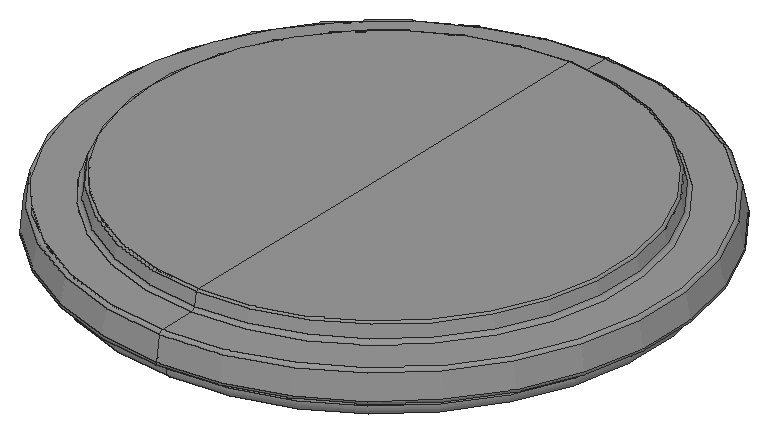
Revit family "FMK13_63_UN_Surface-mounted_ETK", category Lighting Fixtures, Revit 2017 (continued)
Definition of nested family "FMK.1 - Lightsource"
  Types (13, lengths in mm): name | Wattage Comments | Photometric Web File | built-in parameter 1150142 | Apparent Load
    FMK.1239.10N - Ø300x40 / 18W | "18W" | "FMK.1239.10n.ies" | "IESNA:LM-63-2002\r\n[TEST] /2014\r\n[TESTLAB] ies2eulumdat.appspot.com\r\n[ISSUEDATE] 2021-06-16T09:02:18.810\r\n[MANUFAC] www.etk.nl\r\n[LUMCAT] FMK.1209.10\r\n[LUMINAIRE] FMK.1 LED 18W 3000/4000/5700K ø300 niet dimbaar\r\n[LAMPCAT] LED\r\n[LAMP] LED\r\nTILT=NONE\r\n1\t1710\t1\t46\t180\t1\t2\t-0.300\t-0.300\t0\r\n1.0\t1.0\t18.30\r\n0\t 2\t 4\t 6\t 8\t 10\t 12\t 14\t 16\t 18\r\n20\t 22\t 24\t 26\t 28\t 30\t 32\t 34\t 36\t 38\r\n40\t 42\t 44\t 46\t 48\t 50\t 52\t 54\t 56\t 58\r\n60\t 62\t 64\t 66\t 68\t 70\t 72\t 74\t 76\t 78\r\n80\t 82\t 84\t 86\t 88\t 90\r\n0\t 2\t 4\t 6\t 8\t 10\t 12\t 14\t 16\t 18\r\n20\t 22\t 24\t 26\t 28\t 30\t 32\t 34\t 36\t 38\r\n40\t 42\t 44\t 46\t 48\t 50\t 52\t 54\t 56\t 58\r\n60\t 62\t 64\t 66\t 68\t 70\t 72\t 74\t 76\t 78\r\n80\t 82\t 84\t 86\t 88\t 90\t 92\t 94\t 96\t 98\r\n100\t 102\t 104\t 106\t 108\t 110\t 112\t 114\t 116\t 118\r\n120\t 122\t 124\t 126\t 128\t 130\t 132\t 134\t 136\t 138\r\n140\t 142\t 144\t 146\t 148\t 150\t 152\t 154\t 156\t 158\r\n160\t 162\t 164\t 166\t 168\t 170\t 172\t 174\t 176\t 178\r\n180\t 182\t 184\t 186\t 188\t 190\t 192\t 194\t 196\t 198\r\n200\t 202\t 204\t 206\t 208\t 210\t 212\t 214\t 216\t 218\r\n220\t 222\t 224\t 226\t 228\t 230\t 232\t 234\t 236\t 238\r\n240\t 242\t 244\t 246\t 248\t 250\t 252\t 254\t 256\t 258\r\n260\t 262\t 264\t 266\t 268\t 270\t 272\t 274\t 276\t 278\r\n280\t 282\t 284\t 286\t 288\t 290\t 292\t 294\t 296\t 298\r\n300\t 302\t 304\t 306\t 308\t 310\t 312\t 314\t 316\t 318\r\n320\t 322\t 324\t 326\t 328\t 330\t 332\t 334\t 336\t 338\r\n340\t 342\t 344\t 346\t 348\t 350\t 352\t 354\t 356\t 358\r\n\r\n604.9325\t603.2919\t601.6514\t598.9367\t595.1481\t591.3474\t584.4074\t577.4673\t570.5271\t563.5989\r\n556.6589\t546.0716\t535.4844\t524.9091\t514.322\t503.7347\t489.8782\t476.0098\t462.1414\t448.2731\r\n434.4164\t417.5148\t400.6012\t383.6995\t366.7979\t349.8961\t330.7164\t311.5251\t292.3454\t273.1539\r\n253.9742\t234.7827\t215.6031\t196.4116\t177.2319\t158.0404\t0\t0\t0\t0\r\n0\t0\t0\t0\t0\t0\r\n604.9325\t603.303\t601.6736\t598.9672\t595.1776\t591.371\t584.4474\t577.518\t570.5942\t563.6772\r\n556.7804\t546.2089\t535.6382\t525.0562\t514.4711\t503.9096\t490.0793\t476.249\t462.4177\t448.5869\r\n434.7567\t417.8553\t400.9346\t384.014\t367.0954\t350.1887\t331.0138\t311.8383\t292.6629\t273.4839\r\n254.309\t235.1337\t215.9576\t196.7709\t177.5953\t158.8079\t0.4083\t0\t0\t0\r\n0\t0\t0\t0\t0\t0\r\n604.9325\t603.316\t601.6989\t599.0015\t595.1958\t591.3698\t584.4843\t577.5711\t570.6711\t563.7586\r\n556.8947\t546.3551\t535.7596\t525.1644\t514.5799\t504.0319\t490.2428\t476.4007\t462.5425\t448.6943\r\n434.9048\t418.0625\t401.1696\t384.2789\t367.3894\t350.5392\t331.4019\t312.225\t293.0468\t273.8823\r\n254.7052\t235.5402\t216.3663\t197.1991\t178.024\t160.3893\t1.6616\t0\t0\t0\r\n0\t0\t0\t0\t0\t0\r\n604.9325\t603.3306\t601.7275\t599.0433\t595.2312\t591.4156\t584.5657\t577.6625\t570.7544\t563.8431\r\n557.0019\t546.5201\t535.9272\t525.353\t514.7657\t504.264\t490.5226\t476.6557\t462.7667\t448.8924\r\n435.124\t418.3554\t401.4707\t384.5722\t367.6697\t350.8303\t331.7467\t312.5747\t293.4071\t274.2312\r\n255.0699\t235.9111\t216.7553\t197.6045\t178.4467\t162.6446\t3.8393\t0\t0\t0\r\n0\t0\t0\t0\t0\t0\r\n604.9325\t603.3467\t601.7784\t599.0852\t595.2744\t591.4839\t584.6789\t577.7818\t570.8609\t563.9373\r\n557.1543\t546.7354\t536.1372\t525.529\t514.8988\t504.4471\t490.789\t476.9063\t463.0292\t449.1418\r\n435.4474\t418.7539\t401.8361\t384.8952\t367.9622\t351.1523\t332.1531\t312.9933\t293.8363\t274.6741\r\n255.5041\t236.3482\t217.1967\t198.0491\t178.904\t165.4825\t7.0717\t0\t0\t0\r\n0\t0\t0\t0\t0\t0\r\n604.9325\t603.3646\t601.8109\t599.1301\t595.3254\t591.5822\t584.8149\t577.9154\t571.003\t564.0375\r\n557.2822\t546.9546\t536.3271\t525.6894\t515.0537\t504.6554\t491.1358\t477.2379\t463.3307\t449.4155\r\n435.7478\t419.1745\t402.2081\t385.2544\t368.2909\t351.5211\t332.6242\t313.4509\t294.2734\t275.1156\r\n255.9625\t236.8063\t217.6543\t198.5095\t179.3715\t168.6886\t11.5411\t0\t0\t0\r\n0\t0\t0\t0\t0\t0\r\n604.9325\t603.3841\t601.8434\t599.178\t595.3834\t591.6781\t584.976\t578.0752\t571.1133\t564.0963\r\n557.383\t547.1909\t536.5313\t525.8766\t515.2136\t504.8691\t491.4968\t477.5392\t463.5748\t449.6118\r\n435.9498\t419.5755\t402.6015\t385.6298\t368.6616\t351.9183\t333.1605\t313.9425\t294.7654\t275.5923\r\n256.4278\t237.2774\t218.1312\t198.9956\t179.8672\t172.0139\t17.4822\t0\t0\t0\r\n0\t0\t0\t0\t0\t0\r\n604.9325\t603.4053\t601.8759\t599.2285\t595.4497\t591.7812\t585.1731\t578.2085\t571.1927\t564.1664\r\n557.4629\t547.4497\t536.7769\t526.0887\t515.3685\t505.002\t491.8629\t477.8739\t463.8657\t449.8384\r\n436.2083\t420.1244\t403.1335\t386.0845\t369.0368\t352.2643\t333.7051\t314.4923\t295.2823\t276.0978\r\n256.9176\t237.7601\t218.6225\t199.4936\t180.379\t175.1597\t25.1927\t0\t0\t0\r\n0\t0\t0\t0\t0\t0\r\n604.9325\t603.4593\t601.9085\t599.2738\t595.5244\t591.9079\t585.3373\t578.316\t571.3136\t564.2514\r\n557.5412\t547.753\t537.0529\t526.317\t515.5469\t505.1567\t492.6884\t478.2212\t464.1752\t450.1642\r\n436.1336\t421.0943\t403.6156\t386.5209\t369.432\t352.3337\t334.5504\t315.0513\t295.836\t276.637\r\n257.4544\t238.29\t219.1493\t200.0199\t180.9108\t177.7292\t35.0259\t0\t0\t0\r\n0\t0\t0\t0\t0\t0\r\n604.9325\t603.4826\t601.941\t599.3319\t595.6075\t591.9952\t585.4602\t578.4838\t571.4702\t564.333\r\n557.6055\t548.1073\t537.3696\t526.5928\t515.7384\t504.8144\t493.0694\t478.6336\t464.5307\t450.3943\r\n436.2933\t421.64\t404.1436\t386.9492\t369.8193\t352.7072\t335.1677\t315.6771\t296.4365\t277.212\r\n258.007\t238.8258\t219.6743\t200.5397\t181.4425\t179.2574\t47.3991\t0\t0\t0\r\n0\t0\t0\t0\t0\t0\r\n604.9325\t603.5064\t601.9734\t599.3945\t595.7161\t592.0648\t585.6584\t578.7119\t571.6053\t564.412\r\n557.2136\t548.9435\t537.7363\t526.8513\t515.8959\t504.8997\t493.4258\t478.9823\t464.8596\t450.6873\r\n436.4267\t422.0138\t404.7199\t387.5204\t370.3217\t353.0976\t335.7436\t316.324\t297.0385\t277.7912\r\n258.567\t239.3682\t220.2087\t201.0815\t181.9832\t162.9148\t98.4026\t0\t0\t0\r\n0\t0\t0\t0\t0\t0\r\n604.9325\t603.5306\t602.0055\t599.4612\t595.8018\t592.0844\t585.9012\t578.9142\t571.7274\t564.5615\r\n557.281\t549.3317\t538.103\t527.1296\t516.0869\t504.9399\t493.7098\t479.4734\t465.2005\t450.9492\r\n436.7405\t422.5771\t405.4099\t388.0744\t370.7796\t353.4924\t336.2684\t316.9931\t297.6847\t278.4178\r\n259.1782\t239.9648\t220.7735\t201.6345\t182.5343\t163.481\t113.7595\t0\t0\t0\r\n0\t0\t0\t0\t0\t0\r\n604.9325\t603.5554\t602.0217\t599.532\t595.8866\t592.1561\t586.588\t579.0795\t571.9261\t564.708\r\n557.356\t549.6474\t538.4927\t527.425\t516.249\t505.0832\t494.0234\t479.9866\t465.7575\t451.3805\r\n437.0064\t422.8844\t406.0364\t388.6721\t371.3233\t353.9575\t336.8059\t317.7551\t298.3731\t279.0511\r\n259.7888\t240.5534\t221.3703\t202.2241\t183.1196\t164.0583\t128.3143\t0\t0\t0\r\n0\t0\t0\t0\t0\t0\r\n604.9325\t603.5809\t602.0558\t599.618\t595.9723\t592.2358\t586.8402\t579.3172\t572.1843\t564.8477\r\n557.415\t549.9086\t538.9015\t527.7199\t516.5471\t505.2607\t494.2777\t480.6872\t466.1976\t451.7399\r\n437.252\t422.7612\t407.2466\t389.4272\t371.966\t354.4582\t337.2243\t318.5243\t299.1108\t279.742\r\n260.4244\t241.1781\t221.9657\t202.8103\t183.7099\t164.6491\t141.3505\t0\t0\t0\r\n0\t0\t0\t0\t0\t0\r\n604.9325\t603.6071\t602.0912\t599.6912\t596.0451\t591.9798\t587.0148\t579.6483\t572.4109\t565.0026\r\n557.4889\t550.099\t539.3311\t528.166\t516.8776\t505.53\t494.0643\t481.5955\t466.7489\t452.2129\r\n437.6254\t423.0444\t408.0517\t390.1803\t372.5893\t355.0126\t337.4403\t319.5246\t299.8803\t280.4737\r\n261.1232\t241.8179\t222.5739\t203.4066\t184.3006\t165.2486\t152.0665\t0\t0\t0\r\n0\t0\t0\t0\t0\t0\r\n604.9325\t603.6338\t602.1279\t599.7642\t596.2915\t592.06\t587.2479\t579.9651\t572.6275\t565.1743\r\n557.5912\t550.1482\t539.9086\t528.6542\t517.2707\t505.7657\t494.0884\t482.1911\t467.4123\t452.7044\r\n438.0073\t423.2908\t408.632\t391.0308\t373.3713\t355.5458\t337.8389\t320.2515\t300.7003\t281.2121\r\n261.8325\t242.4922\t223.2123\t204.0069\t184.8961\t165.8551\t159.6039\t13.1538\t0\t0\r\n0\t0\t0\t0\t0\t0\r\n604.9325\t603.6611\t602.1659\t599.8376\t596.4054\t592.1391\t587.4977\t580.2805\t572.8868\t565.3787\r\n557.6678\t549.7361\t540.9527\t529.1771\t517.6731\t506.0008\t494.2758\t482.6381\t468.0299\t453.2316\r\n438.4194\t423.5879\t409.1603\t391.9077\t373.8445\t355.9972\t338.2732\t320.7969\t301.5855\t282.0214\r\n262.5566\t243.1786\t223.8823\t204.6641\t185.522\t166.4516\t162.8905\t31.8043\t0\t0\r\n0\t0\t0\t0\t0\t0\r\n604.9325\t603.6892\t602.2049\t599.908\t596.5241\t592.1992\t587.8004\t580.5758\t573.1764\t565.6227\r\n557.7326\t549.8042\t541.4288\t529.7323\t518.1144\t506.3438\t494.4987\t482.7908\t468.7329\t453.8508\r\n438.9175\t423.9507\t408.6493\t392.7359\t374.5174\t356.6496\t338.8317\t321.0335\t302.7194\t282.8805\r\n263.3626\t243.9028\t224.5481\t205.3141\t186.1662\t167.0952\t148.1118\t88.6377\t0\t0\r\n0\t0\t0\t0\t0\t0\r\n604.9325\t603.7179\t602.2449\t599.981\t596.652\t592.2995\t588.0109\t580.9296\t573.5102\t565.8506\r\n557.9219\t549.8881\t541.7121\t530.3743\t518.611\t506.7558\t494.6717\t482.47\t469.828\t454.5537\r\n439.4245\t424.0109\t408.6349\t393.3735\t375.3775\t357.3866\t339.435\t321.5173\t303.5607\t283.7689\r\n264.1651\t244.6733\t225.2874\t205.9828\t186.7886\t167.711\t148.7442\t112.1139\t0\t0\r\n0\t0\t0\t0\t0\t0\r\n604.9325\t603.7473\t602.2856\t600.0568\t596.7719\t592.4179\t588.1719\t581.3183\t573.9078\t566.0743\r\n558.1389\t549.9635\t541.9262\t531.0335\t519.2162\t507.1698\t494.9265\t482.6333\t470.329\t455.2483\r\n439.8147\t424.3822\t408.9232\t393.7403\t376.3501\t358.2294\t340.1252\t322.0395\t304.2025\t284.7408\r\n265.0668\t245.4539\t225.9736\t206.6463\t187.4435\t168.3603\t149.3849\t130.4101\t0\t0\r\n0\t0\t0\t0\t0\t0\r\n604.9325\t603.7776\t602.3343\t600.133\t596.8924\t592.5514\t588.2573\t582.1028\t574.2915\t566.3966\r\n558.3966\t550.0391\t541.4961\t532.1224\t519.854\t507.633\t495.3114\t482.8481\t470.4815\t456.3368\r\n440.5157\t424.9232\t409.2495\t393.6295\t377.6559\t359.1366\t340.8577\t322.656\t304.5206\t285.931\r\n265.9183\t246.2694\t226.7385\t207.3469\t188.0877\t168.9899\t150.0335\t142.1012\t0.9237\t0\r\n0\t0\t0\t0\t0\t0\r\n604.9325\t603.8087\t602.2411\t600.2093\t597.0138\t592.7089\t587.9814\t582.506\t574.6544\t566.7889\r\n558.6686\t550.1973\t541.4544\t532.5851\t520.5561\t508.2392\t495.7924\t483.0495\t470.1335\t457.1163\r\n441.3228\t425.5219\t409.7509\t393.9106\t378.232\t360.1469\t341.7391\t323.3504\t304.9773\t286.7673\r\n266.8982\t247.1147\t227.4881\t208.0586\t188.7792\t169.6606\t150.6879\t131.866\t21.4679\t0\r\n0\t0\t0\t0\t0\t0\r\n604.9325\t603.8407\t602.2844\t600.2854\t597.1426\t592.8591\t588.0729\t582.907\t575.0998\t567.2089\r\n558.9621\t550.3823\t541.4848\t532.7997\t521.7716\t508.9483\t496.2748\t483.3245\t470.3834\t457.4768\r\n442.2022\t426.336\t410.3521\t394.239\t378.1528\t361.5855\t342.6871\t324.0744\t305.6064\t287.3619\r\n267.8645\t248.0216\t228.3498\t208.8257\t189.4682\t170.3025\t151.3323\t132.5387\t80.029\t0\r\n0\t0\t0\t0\t0\t0\r\n604.9325\t603.8733\t602.3299\t600.3607\t597.2661\t593.1545\t588.1843\t583.2018\t575.6055\t567.6783\r\n559.3106\t550.6007\t541.5686\t532.3163\t522.4808\t509.7479\t496.8485\t483.8597\t470.6669\t457.2136\r\n443.4699\t427.2526\t410.9944\t394.713\t378.4457\t362.2796\t343.7493\t325.0072\t306.2591\t287.6577\r\n269.0839\t249.009\t229.1809\t209.5733\t190.2093\t170.9954\t151.9889\t133.1871\t107.1195\t0\r\n0\t0\t0\t0\t0\t0\r\n604.9325\t603.907\t602.3776\t600.435\t597.3875\t593.3208\t588.3223\t583.4193\t576.5313\t568.1743\r\n559.709\t550.8685\t541.7588\t532.2517\t522.878\t510.5737\t497.5582\t484.484\t471.0737\t457.3263\r\n443.9663\t428.2466\t411.8005\t395.3788\t378.7305\t362.2173\t345.2416\t325.9593\t307.1037\t288.3016\r\n269.7515\t250.003\t230.1332\t210.3898\t190.9169\t171.6613\t152.6389\t133.8373\t123.7799\t0\r\n0\t0\t0\t0\t0\t0\r\n604.9325\t603.9123\t602.428\t600.501\t597.5056\t593.4861\t588.4837\t583.5425\t577.0344\t568.7101\r\n560.1512\t551.1686\t541.9813\t532.3519\t522.4772\t511.7762\t498.5257\t485.22\t471.4735\t457.7046\r\n443.7031\t429.415\t412.8677\t396.0261\t379.2618\t362.4764\t345.8916\t327.1753\t308.035\t288.9915\r\n270.1463\t251.2322\t231.0663\t211.2373\t191.6472\t172.3408\t153.2921\t134.4874\t115.9236\t9.2138\r\n0\t0\t0\t0\t0\t0\r\n604.9325\t603.9481\t602.4812\t600.5742\t597.6202\t593.653\t588.668\t583.3077\t577.4581\t569.2983\r\n560.6533\t551.5767\t542.2042\t532.5113\t522.3616\t512.2177\t499.5876\t486.0776\t472.1462\t458.1519\r\n443.8695\t429.876\t414.2071\t396.917\t379.9187\t362.8675\t345.8321\t328.6051\t309.1102\t289.916\r\n270.7523\t251.9617\t232.0644\t212.1103\t192.4343\t173.0323\t153.9173\t135.1018\t116.562\t65.7955\r\n0\t0\t0\t0\t0\t0\r\n604.9325\t603.9852\t602.5371\t600.6467\t597.73\t593.8172\t588.8736\t583.4583\t577.7772\t570.2819\r\n561.2111\t552.1325\t542.5577\t532.7343\t522.3727\t511.8663\t500.9199\t486.9213\t472.9747\t458.7217\r\n444.2496\t429.5691\t414.7964\t398.0122\t380.7816\t363.4509\t346.0825\t328.8111\t310.4213\t290.8883\r\n271.5384\t252.3269\t233.2419\t213.0364\t193.2161\t173.736\t154.5864\t135.7567\t117.2044\t96.1475\r\n0\t0\t0\t0\t0\t0\r\n604.9325\t604.0236\t602.596\t600.7186\t597.8194\t593.9774\t589.2292\t583.6201\t577.9865\t570.7992\r\n561.8256\t552.71\t543.0652\t533.0169\t522.502\t511.8678\t501.241\t488.4687\t473.9436\t459.4936\r\n444.832\t429.7247\t414.7044\t399.4139\t381.8032\t364.1979\t346.6042\t329.0336\t311.6354\t292.1036\r\n272.4601\t253.0354\t233.7628\t214.0337\t194.1035\t174.5269\t155.255\t136.3516\t117.8305\t109.9048\r\n0\t0\t0\t0\t0\t0\r\n604.9325\t604.0637\t602.658\t600.789\t597.9215\t594.1325\t589.4529\t583.8272\t577.7627\t571.1951\r\n562.8118\t553.2917\t543.6239\t533.3822\t522.7915\t511.9619\t500.5541\t489.0998\t475.0948\t460.4654\r\n445.4767\t430.3017\t414.8994\t399.3696\t383.2919\t365.1943\t347.3191\t329.4129\t311.6006\t293.6303\r\n273.6308\t253.85\t234.3543\t215.1938\t195.0532\t175.2777\t155.9455\t136.9913\t118.4168\t100.2246\r\n10.9351\t0\t0\t0\t0\t0\r\n604.9325\t604.1049\t602.7234\t600.8579\t598.021\t594.2782\t589.6773\t584.0732\t577.9255\t571.4711\r\n563.458\t554.0039\t544.2463\t533.8777\t523.2306\t512.1995\t500.5102\t488.6583\t476.4436\t461.6248\r\n446.3237\t431.0595\t415.3954\t399.5376\t383.6965\t366.7259\t348.2364\t330.1152\t311.8732\t293.8363\r\n275.1387\t254.8952\t235.1611\t215.6652\t196.0554\t176.1444\t156.6456\t137.594\t119.0254\t100.8532\r\n68.8785\t0\t0\t0\t0\t0\r\n604.9325\t604.3797\t602.795\t600.7955\t598.1176\t594.4184\t589.9421\t584.4807\t578.1293\t571.2717\r\n564.0225\t555.1365\t544.9684\t534.4889\t523.7521\t512.5133\t500.6805\t488.5879\t476.1182\t463.0735\r\n447.6366\t431.9684\t416.1152\t399.9456\t383.6989\t367.3767\t349.5599\t330.9731\t312.5046\t294.0321\r\n275.9095\t256.218\t236.1048\t216.3684\t197.0093\t177.0397\t157.4158\t138.2701\t119.6169\t101.4035\r\n91.2126\t0\t0\t0\t0\t0\r\n604.9325\t604.4205\t602.8672\t600.8728\t598.211\t594.5549\t590.1569\t584.7672\t578.3807\t571.4627\r\n564.3113\t555.8405\t545.7988\t535.2615\t524.3877\t512.92\t501.0143\t488.7096\t476.0305\t462.7583\r\n449.2912\t433.217\t417.0958\t400.713\t384.1708\t367.2088\t350.6545\t332.2272\t313.392\t294.5441\r\n275.8683\t257.4578\t237.4149\t217.2362\t197.4869\t178.1427\t158.2694\t138.9226\t120.2106\t101.9885\r\n84.2445\t0\t0\t0\t0\t0\r\n604.9325\t604.4609\t602.9426\t600.9571\t598.301\t594.685\t590.3595\t585.0141\t578.795\t571.7158\r\n564.1432\t556.2603\t546.8908\t536.205\t525.1774\t513.5407\t501.5676\t489.0287\t476.1442\t462.6532\r\n448.9921\t434.8922\t418.416\t401.8982\t384.7929\t367.6136\t350.3325\t333.3151\t314.6323\t295.4577\r\n276.336\t257.5068\t238.7779\t218.4036\t198.3424\t178.728\t159.174\t139.7342\t120.8004\t102.4847\r\n84.7775\t45.5539\t0\t0\t0\t0\r\n604.9325\t604.5006\t603.0216\t601.0606\t598.3865\t594.8079\t590.54\t585.2417\t579.0807\t572.1467\r\n564.4011\t556.1409\t547.4037\t537.4374\t526.1369\t514.3405\t502.2658\t489.5783\t476.4823\t462.9105\r\n448.8591\t434.6232\t420.0685\t403.4046\t385.7751\t368.4205\t350.8718\t333.1656\t315.607\t296.8929\r\n277.2305\t257.8752\t238.7581\t219.918\t199.4756\t179.4703\t160.1376\t140.5119\t121.4449\t103.0157\r\n85.2703\t74.215\t0\t0\t0\t0\r\n604.9325\t604.5394\t603.1042\t601.1584\t598.3492\t594.9234\t590.7019\t585.451\t579.3531\t572.4943\r\n564.7651\t556.3877\t547.3688\t538.0224\t527.3866\t515.3535\t503.115\t490.3931\t476.9994\t463.303\r\n449.0547\t434.4994\t419.6921\t404.5604\t387.5106\t369.5539\t351.7313\t333.6797\t315.5431\t297.2741\r\n278.797\t258.7661\t239.2377\t219.9717\t200.9556\t180.5254\t160.6648\t141.5044\t122.1648\t103.5896\r\n85.7592\t68.6221\t0\t0\t0\t0\r\n604.9325\t604.5773\t603.1902\t601.2632\t598.4516\t595.0092\t590.8464\t585.643\t579.6101\t572.8202\r\n565.325\t556.7647\t547.6995\t538.0024\t527.9437\t516.6478\t504.4938\t491.4266\t477.8344\t463.9221\r\n449.6332\t434.78\t419.7115\t403.8594\t387.7921\t371.4508\t353.0947\t334.6903\t316.1395\t297.631\r\n278.8793\t260.2808\t240.1353\t220.3427\t201.0312\t181.9801\t161.6499\t142.0644\t123.0333\t104.2161\r\n86.2409\t69.0879\t15.2173\t0\t0\t0\r\n604.9325\t604.6141\t603.2798\t601.3757\t598.5679\t594.9853\t590.9493\t585.8192\t579.8489\t573.1198\r\n565.7109\t557.3403\t548.3007\t538.393\t527.9435\t517.2634\t505.3927\t492.933\t478.9816\t464.8927\r\n450.474\t435.4187\t420.1142\t403.9636\t387.6809\t371.1777\t354.5307\t336.6039\t317.3934\t298.4472\r\n279.3102\t260.28\t241.3379\t221.3309\t201.4226\t182.0109\t163.0786\t142.9823\t123.7395\t104.974\r\n86.81\t69.5539\t58.969\t0\t0\t0\r\n604.9325\t604.6498\t603.6043\t601.4957\t598.6984\t595.1135\t590.9331\t585.9739\t580.0893\t573.3916\r\n566.0512\t557.7504\t548.7954\t539.0648\t528.4009\t517.3472\t505.5605\t493.6743\t480.4541\t466.4352\r\n451.5987\t436.4298\t420.8587\t404.6187\t388.0855\t371.2381\t354.0167\t336.6193\t319.1551\t299.9255\r\n280.4523\t260.8892\t241.3921\t222.136\t202.5984\t182.4131\t163.0718\t144.3638\t124.5764\t105.7842\r\n87.4272\t70.0349\t53.7077\t0\t0\t0\r\n604.9325\t604.6844\t603.6946\t601.6237\t598.8432\t595.2649\t591.0743\t585.9936\t580.2878\t573.6051\r\n566.3212\t558.1173\t549.2219\t539.5715\t529.1248\t518.0448\t506.0844\t493.7649\t480.7344\t467.3507\r\n453.0676\t438.029\t422.0569\t405.7673\t388.9954\t371.8917\t354.386\t336.673\t318.7419\t300.4149\r\n282.1798\t262.3184\t242.4052\t222.5131\t202.8279\t183.5184\t163.5632\t144.26
